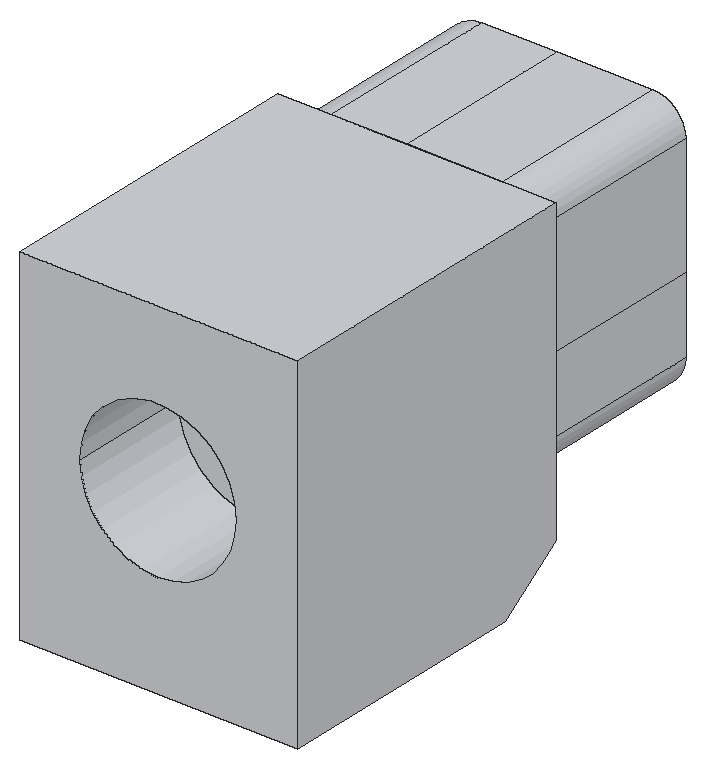
Revit family
Parameters
  Material ID = "760163519"
  Description = "HFTP-J6 SHIELDED OUTLET"
Reference planes (in)
  plane 1 "Center (Front/Back)": y = 0
  plane 2: z = 0
  plane 3 "Center (Left/Right)": x = 0
Forms (in)
  Extrusion 1, solid
    sketch origin (0, 0, 0) x (1, 0, 0) y (0, 0, 1)
      loop
        arc (-0.185, 0.374) -> (-0.24157, 0.35057) -> (-0.265, 0.294) r 0.08
        line (-0.265, 0.294) -> (-0.265, 0) -> (-0.265, -0.186)
        arc (-0.265, -0.186) -> (-0.24157, -0.24257) -> (-0.185, -0.266) r 0.08
        line (-0.185, -0.266) -> (0, -0.266) -> (0.235, -0.266)
        arc (0.235, -0.266) -> (0.29157, -0.24257) -> (0.315, -0.186) r 0.08
        line (0.315, -0.186) -> (0.315, 0) -> (0.315, 0.294)
        arc (0.315, 0.294) -> (0.29157, 0.35057) -> (0.235, 0.374) r 0.08
        line (0.235, 0.374) -> (0, 0.374) -> (-0.185, 0.374)
    from 0 to 0.46
  Extrusion 2, void
    sketch origin (0, 0, 0) x (1, 0, 0) y (0, 0, 1)
      loop
        line (0.02437, -0.0953) -> (0.23011, -0.0953) -> (0.23011, 0.15811) -> (0.17137, 0.15811) -> (0.17137, 0.22711) -> (0.12737, 0.22711) -> (0.12737, 0.29938) -> (0.02437, 0.29938) -> (-0.07863, 0.29938) -> (-0.07863, 0.22711) -> (-0.12263, 0.22711) -> (-0.12263, 0.15811) -> (-0.18312, 0.15811) -> (-0.18312, -0.0953) -> (0.02437, -0.0953)
    from 0 to 0.20921
  Extrusion 3, solid
    sketch origin (0, 0, 0) x (1, 0, 0) y (0, 1, 0)
      loop
        line (0.025, -0.46) -> (-0.315, -0.46) -> (-0.315, -1.25) -> (0.365, -1.25) -> (0.365, -0.46) -> (0.025, -0.46)
    from -0.47781 to 0.374
  Extrusion 4, void
    sketch origin (0.365, -1.25, 0) x (1, 0, 0) y (0, 0, -1)
      loop
        circle (-0.34218, 0.0312) r 0.19175
    from 0 to 0.3
  Extrusion 5, void
    sketch origin (-0.315, -0.46, 0) x (0, 1, 0) y (0, 0, 1)
      loop
        line (0, -0.369) -> (-0.15541, -0.47781) -> (0, -0.47781) -> (0, -0.369)
    from 0 to 1.6921
Cuts and joins
  Extrusion 2, Extrusion 4 cuts Extrusion 1
  Extrusion 4, Extrusion 5 cuts Extrusion 3
